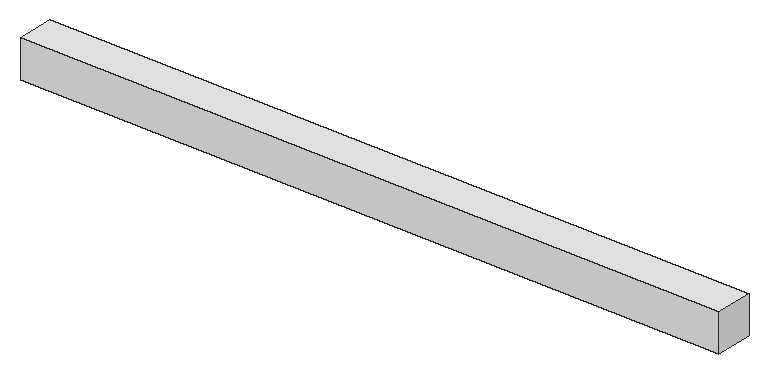
Revit family "Brise Soleil Baluster - Square", category 난간동자, Revit 2026
Family settings
  항상 수직 = 예
  로드될 때 보이드를 사용하여 절단 = 아니오
  공유 = 아니오
Parameters (values of type "40mm")
  built-in parameter 1008623 [instance] = (empty or 0)
  built-in parameter 1008625 [instance] = (empty or 0)
  Size = 40 mm
  기둥 = yes
  Pitch = 0.00°
  Material = Metal - Steel
  built-in parameter 1008624 [instance] = (empty or 0)
  built-in parameter 1008622 [instance] = 750 mm
Types (3, lengths in mm): name | Size
  (no name) | 40
  40mm | 40
  20mm | 20
Reference planes
  plane 1 "Center (Front/Back)": y = -72.819
  plane 2: z = 0
  plane 3 "Center (Left/Right)": x = 0.898
  plane 4 "Top": z = 750
  plane 5 "Top of Post": z = 900
  plane 6: x = -749.102
Forms (mm)
  Sweep 1, solid, material "Metal - Steel" <- "Material"
    path origin (0, -72.819, 0) x (1, 0, 0) y (0, 0, 1)
      loop
        line (0.898, 0) -> (-749.102, 0)
    profile origin (-374.102, 0, 0) x (0, 0, -1) y (0, -1, 0)
      loop
        line (-20, 92.819) -> (-20, 52.819) -> (20, 52.819) -> (20, 92.819) -> (-20, 92.819)
Lines and regions (mm)
  symbolic lines, style "InvisibleLines"
    curve 1: line (0.898, 0, 0) -> (-753.59, 0, 0)
Text (mm)
  text "Baluster Post Elevation" at (0, 664.106, 1100.357), in view "Left"
Dimensions and locks
  "built-in parameter 1008622": plane 2 to plane 4 "Top"
  "built-in parameter 1008622": plane 6 to plane 3 "Center (Left/Right)"
  equal spacing: Sweep 1 sketch curve, profile plane, Sweep 1 sketch curve  (x2)
  "Size": Sweep 1 sketch curve to Sweep 1 sketch curve  (x2)
  "Pitch": angle curve 1 to level
  aligned and locked: plane 3 "Center (Left/Right)" to curve 1
  aligned and locked: plane 3 "Center (Left/Right)" to Sweep 1 sketch curve
  aligned and locked: Sweep 1 sketch curve to curve 1
Automatic sketch dimensions
  curve 1 to level = 0 mm
  plane 6 to curve 1 = 4.489 mm
  Sweep 1 sketch curve to plane 6 = 0 mm
